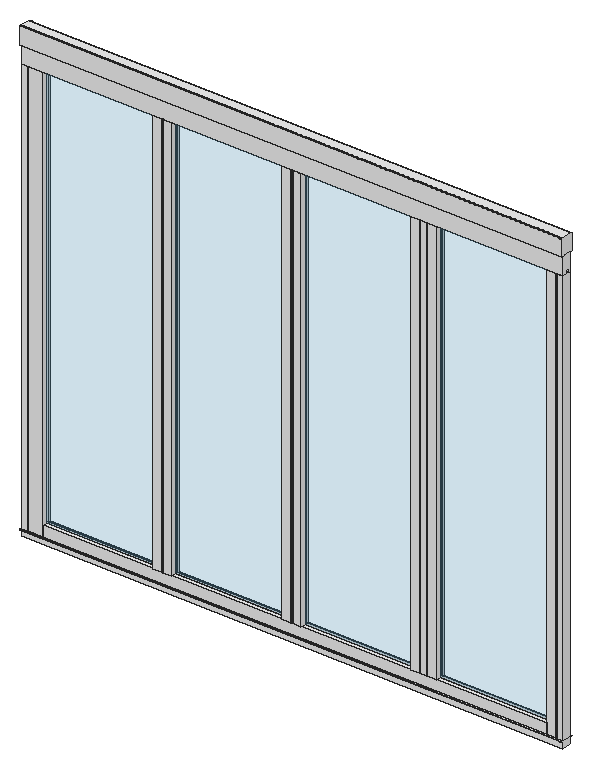
Revit family "Window-NanaWall-HSW-60", category Windows, host Wall, Revit 2013 (continued)
Definition of nested family "Sill_HSW60"
  Definition of nested family "Profile_Sill_HSW60"
    Lines and regions (in)
      model lines, style "DetailComponents", in view "Ref. Level"
        curve 289: arc (0.78722, 0.49817, 0) -> (0.80077, 0.4759, 0) -> (0.82534, 0.46717, 0) r 0.03893
        curve 290: arc (0.76694, 0.85826, 0) -> (0.73325, 0.93959, 0) -> (0.65193, 0.97327, 0) r 0.11501
        curve 291: arc (0.3281, 0.99778, 0) -> (0.33145, 0.98089, 0) -> (0.3469, 0.97327, 0) r 0.01947
        curve 292: arc (0.45939, 1.04627, 0) -> (0.46489, 1.04855, 0) -> (0.46717, 1.05406, 0) r 0.00779
        curve 293: arc (0.46717, 1.20394, 0) -> (0.46489, 1.20945, 0) -> (0.45939, 1.21173, 0) r 0.00779
        curve 294: arc (0.36984, 1.26574, 0) -> (0.35559, 1.25149, 0) -> (0.35038, 1.23203, 0) r 0.03893
        curve 295: arc (0.35038, 1.76566, 0) -> (0.35559, 1.74619, 0) -> (0.36984, 1.73194, 0) r 0.03893
        curve 296: arc (0.45939, 1.78596, 0) -> (0.46489, 1.78824, 0) -> (0.46717, 1.79374, 0) r 0.00779
        curve 297: arc (0.46717, 1.94363, 0) -> (0.46489, 1.94913, 0) -> (0.45939, 1.95142, 0) r 0.00779
        curve 298: arc (0.3469, 2.02441, 0) -> (0.33145, 2.0168, 0) -> (0.3281, 1.99991, 0) r 0.01947
        curve 299: arc (0.88309, 1.98232, 0) -> (0.85876, 2.01288, 0) -> (0.82144, 2.02441, 0) r 0.06618
        curve 300: arc (0.83312, 0.88373, 0) -> (0.77197, 0.99636, 0) -> (0.65193, 1.04124, 0) r 0.18298
        curve 301: arc (0.82144, 1.77136, 0) -> (0.85223, 1.69703, 0) -> (0.92656, 1.66625, 0) r 0.10511
        curve 302: arc (0.39501, -0.31715, 0) -> (0.3887, -0.31293, 0) -> (0.38125, -0.31145, 0) r 0.01947
        curve 303: arc (-0.38125, -0.31145, 0) -> (-0.3887, -0.31293, 0) -> (-0.39501, -0.31715, 0) r 0.01947
        curve 304: arc (0.56616, -0.18679, 0) -> (0.56765, -0.20528, 0) -> (0.58396, -0.21412, 0) r 0.01947
        curve 305: arc (0.6229, 0.03893, 0) -> (0.61719, 0.0527, 0) -> (0.60343, 0.0584, 0) r 0.01947
        curve 306: arc (-0.60343, 0.0584, 0) -> (-0.61719, 0.0527, 0) -> (-0.6229, 0.03893, 0) r 0.01947
        curve 307: arc (-0.58396, -0.21412, 0) -> (-0.56765, -0.20528, 0) -> (-0.56616, -0.18679, 0) r 0.01947
        curve 308: arc (-0.60343, -0.21412, 0) -> (-0.61719, -0.21982, 0) -> (-0.6229, -0.23359, 0) r 0.01947
        curve 309: arc (-0.6229, -0.36984, 0) -> (-0.61719, -0.38361, 0) -> (-0.60343, -0.38931, 0) r 0.01947
        curve 310: arc (-0.47523, -0.38931, 0) -> (-0.46779, -0.38783, 0) -> (-0.46147, -0.38361, 0) r 0.01947
        curve 311: arc (0.46147, -0.38361, 0) -> (0.46779, -0.38783, 0) -> (0.47523, -0.38931, 0) r 0.01947
        curve 312: arc (0.6229, -0.23359, 0) -> (0.61719, -0.21982, 0) -> (0.60343, -0.21412, 0) r 0.01947
        curve 313: arc (0.60343, -0.38931, 0) -> (0.61719, -0.38361, 0) -> (0.6229, -0.36984, 0) r 0.01947
        curve 314: line (-0.26128, 0.97327, 0) -> (0.26128, 0.97327, 0)
        curve 315: line (0.26128, 0.97327, 0) -> (-0.26128, 0.97327, 0)
        curve 316: line (0.20733, 1.04432, 0) -> (-0.20733, 1.04432, 0)
        curve 317: line (-0.20733, 1.04432, 0) -> (0.20733, 1.04432, 0)
        curve 318: line (0.3625, 1.09007, 0) -> (0.43836, 1.04627, 0)
        curve 319: line (0.43836, 1.04627, 0) -> (0.45939, 1.04627, 0)
        curve 320: line (0.45939, 1.04627, 0) -> (0.43836, 1.04627, 0)
        curve 321: line (0.43836, 1.04627, 0) -> (0.3625, 1.09007, 0)
        curve 322: line (0.35287, 1.09007, 0) -> (0.3625, 1.09007, 0)
        curve 323: line (0.3625, 1.09007, 0) -> (0.35287, 1.09007, 0)
        curve 324: line (0.35287, 1.09007, 0) -> (0.3281, 0.99779, 0)
        curve 325: line (0.3281, 0.99778, 0) -> (0.35282, 1.09007, 0)
        curve 326: line (0.35282, 1.09007, 0) -> (0.3625, 1.09007, 0)
        curve 327: line (0.3625, 1.09007, 0) -> (0.43836, 1.04627, 0)
        curve 328: line (0.43836, 1.04627, 0) -> (0.45939, 1.04627, 0)
        curve 329: line (-0.33601, 1.08033, 0) -> (-0.27814, 0.98301, 0)
        curve 330: line (-0.27814, 0.98301, 0) -> (-0.33601, 1.08033, 0)
        curve 331: line (-0.46717, 1.20394, 0) -> (-0.46717, 1.05406, 0)
        curve 332: line (-0.46717, 1.05406, 0) -> (-0.46717, 1.20394, 0)
        curve 333: line (0.43836, 1.21173, 0) -> (0.3625, 1.16793, 0)
        curve 334: line (0.3625, 1.16793, 0) -> (0.32365, 1.16793, 0)
        curve 335: line (0.32365, 1.16793, 0) -> (0.3625, 1.16793, 0)
        curve 336: line (0.3625, 1.16793, 0) -> (0.43836, 1.21173, 0)
        curve 337: line (-0.24105, 1.06379, 0) -> (-0.28994, 1.14846, 0)
        curve 338: line (-0.28994, 1.14846, 0) -> (-0.24105, 1.06379, 0)
        curve 339: line (0.46717, 1.05406, 0) -> (0.46717, 1.20394, 0)
        curve 340: line (0.46717, 1.20394, 0) -> (0.46717, 1.05406, 0)
        curve 341: line (0.46717, 1.05406, 0) -> (0.46717, 1.20394, 0)
        curve 342: line (0.28994, 1.14846, 0) -> (0.24105, 1.06379, 0)
        curve 343: line (0.24105, 1.06379, 0) -> (0.28994, 1.14846, 0)
        curve 344: line (0.27814, 0.98301, 0) -> (0.33601, 1.08033, 0)
        curve 345: line (0.33601, 1.08033, 0) -> (0.27814, 0.98301, 0)
        curve 346: line (0.82534, 0.46717, 0) -> (0.86427, 0.46717, 0)
        curve 347: line (0.86427, 0.46717, 0) -> (0.82534, 0.46717, 0)
        curve 348: line (0.82534, 0.55671, 0) -> (0.82534, 0.5061, 0)
        curve 349: line (0.82534, 0.5061, 0) -> (0.82534, 0.55671, 0)
        curve 350: line (0.82534, 0.55671, 0) -> (0.87011, 0.55671, 0)
        curve 351: line (0.87011, 0.55671, 0) -> (0.87011, 0.57618, 0)
        curve 352: line (0.87011, 0.57618, 0) -> (0.87011, 0.55671, 0)
        curve 353: line (0.87011, 0.55671, 0) -> (0.82534, 0.55671, 0)
        curve 354: line (0.82534, 0.55671, 0) -> (0.82534, 0.5061, 0)
        curve 355: line (0.82534, 0.5061, 0) -> (0.88373, 0.5061, 0)
        curve 356: line (0.88373, 0.5061, 0) -> (0.88373, 0.48664, 0)
        curve 357: line (0.88373, 0.48664, 0) -> (0.88373, 0.5061, 0)
        curve 358: line (0.88373, 0.5061, 0) -> (0.82534, 0.5061, 0)
        curve 359: line (0.82534, 0.5061, 0) -> (1.11732, 0.5061, 0)
        curve 360: line (1.11732, 0.5061, 0) -> (1.11732, 0.55671, 0)
        curve 361: line (1.11732, 0.55671, 0) -> (1.07255, 0.55671, 0)
        curve 362: line (1.07255, 0.55671, 0) -> (1.07255, 0.57618, 0)
        curve 363: line (1.07255, 0.57618, 0) -> (1.07255, 0.55671, 0)
        curve 364: line (1.07255, 0.55671, 0) -> (1.11732, 0.55671, 0)
        curve 365: line (1.11732, 0.55671, 0) -> (1.11732, 0.5061, 0)
        curve 366: line (1.11732, 0.5061, 0) -> (1.05892, 0.5061, 0)
        curve 367: line (1.05892, 0.5061, 0) -> (1.05892, 0.48664, 0)
        curve 368: line (1.05892, 0.48664, 0) -> (1.05892, 0.5061, 0)
        curve 369: line (1.05892, 0.5061, 0) -> (1.11732, 0.5061, 0)
        curve 370: line (1.11732, 0.5061, 0) -> (1.11732, 0.55671, 0)
        curve 371: line (1.11732, 0.55671, 0) -> (0.82534, 0.55671, 0)
        curve 372: line (1.09785, 0.66183, 0) -> (0.82534, 0.66183, 0)
        curve 373: line (0.82534, 0.66183, 0) -> (0.82534, 0.59564, 0)
        curve 374: line (0.82534, 0.59564, 0) -> (0.85064, 0.59564, 0)
        curve 375: line (0.85064, 0.59564, 0) -> (0.82534, 0.59564, 0)
        curve 376: line (0.82534, 0.59564, 0) -> (0.82534, 0.66183, 0)
        curve 377: line (0.82534, 0.66183, 0) -> (1.09785, 0.66183, 0)
        curve 378: line (1.09785, 0.66183, 0) -> (1.09785, 0.59564, 0)
        curve 379: line (1.09785, 0.59564, 0) -> (1.09785, 0.66183, 0)
        curve 380: line (1.08617, 1.66625, 0) -> (1.08617, 0.72801, 0)
        curve 381: line (1.08617, 0.72801, 0) -> (0.83312, 0.72801, 0)
        curve 382: line (0.83312, 0.72801, 0) -> (0.83312, 0.80587, 0)
        curve 383: line (0.83312, 0.80587, 0) -> (0.85259, 0.80587, 0)
        curve 384: line (0.85259, 0.80587, 0) -> (0.85259, 0.88373, 0)
        curve 385: line (0.85259, 0.88373, 0) -> (0.83312, 0.88373, 0)
        curve 386: line (0.3469, 0.97327, 0) -> (0.65193, 0.97327, 0)
        curve 387: line (0.65193, 0.97327, 0) -> (0.3469, 0.97327, 0)
        curve 388: line (0.83312, 0.88373, 0) -> (0.85259, 0.88373, 0)
        curve 389: line (0.85259, 0.88373, 0) -> (0.85259, 0.80587, 0)
        curve 390: line (0.85259, 0.80587, 0) -> (0.83312, 0.80587, 0)
        curve 391: line (0.83312, 0.80587, 0) -> (0.83312, 0.72801, 0)
        curve 392: line (0.83312, 0.72801, 0) -> (1.08617, 0.72801, 0)
        curve 393: line (1.08617, 0.72801, 0) -> (1.08617, 1.66625, 0)
        curve 394: line (1.08617, 1.66625, 0) -> (0.92656, 1.66625, 0)
        curve 395: line (0.92656, 1.66625, 0) -> (1.08617, 1.66625, 0)
        curve 396: line (1.08617, 1.66625, 0) -> (1.08617, 0.72801, 0)
        curve 397: line (0.98787, 1.73243, 0) -> (0.92656, 1.73243, 0)
        curve 398: line (0.92656, 1.73243, 0) -> (0.98787, 1.73243, 0)
        curve 399: line (0.88763, 1.77136, 0) -> (0.88763, 1.81808, 0)
        curve 400: line (0.88763, 1.81808, 0) -> (0.91877, 1.81808, 0)
        curve 401: line (0.91877, 1.81808, 0) -> (0.88763, 1.81808, 0)
        curve 402: line (0.88763, 1.81808, 0) -> (0.88763, 1.77136, 0)
        curve 403: line (0.54503, 1.95823, 0) -> (0.82144, 1.95823, 0)
        curve 404: line (0.82144, 1.95823, 0) -> (0.82144, 1.77136, 0)
        curve 405: line (0.82144, 1.77136, 0) -> (0.82144, 1.95823, 0)
        curve 406: line (0.82144, 1.95823, 0) -> (0.54503, 1.95823, 0)
        curve 407: line (0.54503, 1.95823, 0) -> (0.54503, 1.04124, 0)
        curve 408: line (0.54503, 1.04124, 0) -> (0.65193, 1.04124, 0)
        curve 409: line (0.65193, 1.04124, 0) -> (0.54503, 1.04124, 0)
        curve 410: line (0.54503, 1.04124, 0) -> (0.54503, 1.95823, 0)
        curve 411: line (0.36984, 1.73194, 0) -> (0.46717, 1.67575, 0)
        curve 412: line (0.46717, 1.67575, 0) -> (0.46717, 1.32193, 0)
        curve 413: line (0.46717, 1.32193, 0) -> (0.36984, 1.26574, 0)
        curve 414: line (0.36984, 1.26574, 0) -> (0.46717, 1.32193, 0)
        curve 415: line (0.46717, 1.32193, 0) -> (0.46717, 1.67575, 0)
        curve 416: line (0.46717, 1.67575, 0) -> (0.36984, 1.73194, 0)
        curve 417: line (0.45939, 1.21173, 0) -> (0.43836, 1.21173, 0)
        curve 418: line (0.43836, 1.21173, 0) -> (0.45939, 1.21173, 0)
        curve 419: line (0.45939, 1.21173, 0) -> (0.43836, 1.21173, 0)
        curve 420: line (0.43836, 1.21173, 0) -> (0.3625, 1.16793, 0)
        curve 421: line (0.3625, 1.16793, 0) -> (0.35038, 1.16793, 0)
        curve 422: line (0.35038, 1.16793, 0) -> (0.35038, 1.23203, 0)
        curve 423: line (0.35038, 1.23203, 0) -> (0.35038, 1.16793, 0)
        curve 424: line (0.82144, 2.02441, 0) -> (0.3469, 2.02441, 0)
        curve 425: line (0.3469, 2.02441, 0) -> (0.82144, 2.02441, 0)
        curve 426: line (0.76694, 0.85826, 0) -> (0.76694, 0.59564, 0)
        curve 427: line (0.76694, 0.59564, 0) -> (0.78722, 0.49817, 0)
        curve 428: line (0.78722, 0.49817, 0) -> (0.76694, 0.59564, 0)
        curve 429: line (0.76694, 0.59564, 0) -> (0.76694, 0.85826, 0)
        curve 430: line (0.9369, 1.84463, 0) -> (0.88309, 1.98232, 0)
        curve 431: line (0.88309, 1.98232, 0) -> (0.9369, 1.84463, 0)
        curve 432: line (1.09007, 2.00495, 0) -> (1.09007, 1.90372, 0)
        curve 433: line (1.09007, 1.90372, 0) -> (1.09007, 2.00495, 0)
        curve 434: line (-0.82534, 0.46717, 0) -> (-0.86427, 0.46717, 0)
        curve 435: line (-1.05892, 0.48664, 0) -> (-1.05892, 0.5061, 0)
        curve 436: line (-1.05892, 0.5061, 0) -> (-1.11732, 0.5061, 0)
        curve 437: line (-1.11732, 0.5061, 0) -> (-1.11732, 0.55671, 0)
        curve 438: line (-1.11732, 0.55671, 0) -> (-1.07255, 0.55671, 0)
        curve 439: line (-1.07255, 0.55671, 0) -> (-1.07255, 0.57618, 0)
        curve 440: line (-0.99274, 2.41372, 0) -> (-1.01999, 2.41372, 0)
        curve 441: line (-1.01999, 2.41372, 0) -> (-1.01999, 2.37479, 0)
        curve 442: line (-1.01999, 2.37479, 0) -> (-1.09785, 2.37479, 0)
        curve 443: line (-1.09785, 2.37479, 0) -> (-1.09785, 2.72906, 0)
        curve 444: line (-1.09785, 2.72906, 0) -> (-1.01999, 2.72906, 0)
        curve 445: line (-1.01999, 2.72906, 0) -> (-1.07366, 2.67539, 0)
        curve 446: line (-0.98106, 2.78746, 0) -> (-0.98106, 2.70181, 0)
        curve 447: line (-0.98106, 2.40204, 0) -> (-0.98106, 2.35922, 0)
        curve 448: line (-1.09785, 0.59564, 0) -> (-1.09785, 0.66183, 0)
        curve 449: line (-1.09785, 0.66183, 0) -> (-0.82534, 0.66183, 0)
        curve 450: line (-0.82534, 0.66183, 0) -> (-0.82534, 0.59564, 0)
        curve 451: line (-0.82534, 0.59564, 0) -> (-0.85064, 0.59564, 0)
        curve 452: line (-0.65015, 1.03946, 0) -> (-0.54503, 1.03946, 0)
        curve 453: line (-0.54503, 1.03946, 0) -> (-0.54503, 1.95823, 0)
        curve 454: line (-0.54503, 1.95823, 0) -> (-0.82923, 1.95823, 0)
        curve 455: line (-0.82923, 1.95823, 0) -> (-0.96393, 1.88037, 0)
        curve 456: line (-0.96393, 1.88037, 0) -> (-1.08617, 1.88037, 0)
        curve 457: line (-1.08617, 1.88037, 0) -> (-1.08617, 0.72801, 0)
        curve 458: line (-1.08617, 0.72801, 0) -> (-0.83312, 0.72801, 0)
        curve 459: line (-0.83312, 0.72801, 0) -> (-0.83312, 0.80587, 0)
        curve 460: line (-0.83312, 0.80587, 0) -> (-0.85259, 0.80587, 0)
        curve 461: line (-0.85259, 0.80587, 0) -> (-0.85259, 0.88373, 0)
        curve 462: line (-0.85259, 0.88373, 0) -> (-0.83108, 0.88373, 0)
        curve 463: line (-0.76694, 0.85648, 0) -> (-0.76694, 0.59564, 0)
        curve 464: line (-0.76694, 0.59564, 0) -> (-0.78722, 0.49817, 0)
        curve 465: line (-1.01999, 2.32029, 0) -> (-1.08617, 2.32029, 0)
        curve 466: line (-1.08617, 2.32029, 0) -> (-1.08617, 1.94655, 0)
        curve 467: line (-1.08617, 1.94655, 0) -> (-0.98168, 1.94655, 0)
        curve 468: line (-0.98168, 1.94655, 0) -> (-0.86235, 2.01553, 0)
        curve 469: line (-0.3469, 0.97327, 0) -> (-0.65015, 0.97327, 0)
        curve 470: line (-0.36984, 1.73194, 0) -> (-0.46717, 1.67575, 0)
        curve 471: line (-0.46717, 1.67575, 0) -> (-0.46717, 1.32193, 0)
        curve 472: line (-0.46717, 1.32193, 0) -> (-0.36984, 1.26574, 0)
        curve 473: line (-0.35038, 1.82976, 0) -> (-0.35038, 1.76566, 0)
        curve 474: line (-0.35038, 1.23203, 0) -> (-0.35038, 1.16793, 0)
        curve 475: line (-0.3281, 1.99991, 0) -> (-0.35282, 1.90762, 0)
        curve 476: line (-0.35282, 1.90762, 0) -> (-0.3625, 1.90762, 0)
        curve 477: line (-0.3625, 1.90762, 0) -> (-0.35282, 1.90762, 0)
        curve 478: line (-0.82923, 2.02441, 0) -> (-0.3469, 2.02441, 0)
        curve 479: line (-0.46717, 1.79374, 0) -> (-0.46717, 1.94363, 0)
        curve 480: line (-0.46717, 1.94363, 0) -> (-0.46717, 1.79374, 0)
        curve 481: line (-0.33601, 1.91735, 0) -> (-0.27814, 2.01468, 0)
        curve 482: line (-0.27814, 2.01468, 0) -> (-0.33601, 1.91735, 0)
        curve 483: line (-0.24105, 1.9339, 0) -> (-0.28994, 1.84922, 0)
        curve 484: line (-0.28994, 1.84922, 0) -> (-0.24105, 1.9339, 0)
        curve 485: line (-0.45939, 1.95142, 0) -> (-0.43836, 1.95142, 0)
        curve 486: line (-0.43836, 1.95142, 0) -> (-0.3625, 1.90762, 0)
        curve 487: line (-0.3625, 1.90762, 0) -> (-0.43836, 1.95142, 0)
        curve 488: line (-0.43836, 1.95142, 0) -> (-0.45939, 1.95142, 0)
        curve 489: line (0.35038, 1.82976, 0) -> (0.35038, 1.76566, 0)
        curve 490: line (0.35038, 1.76566, 0) -> (0.35038, 1.82976, 0)
        curve 491: line (0.35038, 1.82976, 0) -> (0.3625, 1.82976, 0)
        curve 492: line (0.3625, 1.82976, 0) -> (0.43836, 1.78596, 0)
        curve 493: line (0.43836, 1.78596, 0) -> (0.45939, 1.78596, 0)
        curve 494: line (0.45939, 1.78596, 0) -> (0.43836, 1.78596, 0)
        curve 495: line (0.43836, 1.78596, 0) -> (0.45939, 1.78596, 0)
        curve 496: line (0.43836, 1.78596, 0) -> (0.3625, 1.82976, 0)
        curve 497: line (0.3625, 1.82976, 0) -> (0.32365, 1.82976, 0)
        curve 498: line (0.32365, 1.82976, 0) -> (0.3625, 1.82976, 0)
        curve 499: line (0.3625, 1.82976, 0) -> (0.43836, 1.78596, 0)
        curve 500: line (0.20733, 1.95336, 0) -> (-0.20733, 1.95336, 0)
        curve 501: line (-0.20733, 1.95336, 0) -> (0.20733, 1.95336, 0)
        curve 502: line (-0.26128, 2.02441, 0) -> (0.26128, 2.02441, 0)
        curve 503: line (0.26128, 2.02441, 0) -> (-0.26128, 2.02441, 0)
        curve 504: line (0.28994, 1.84922, 0) -> (0.24105, 1.9339, 0)
        curve 505: line (0.24105, 1.9339, 0) -> (0.28994, 1.84922, 0)
        curve 506: line (0.27814, 2.01468, 0) -> (0.33601, 1.91735, 0)
        curve 507: line (0.33601, 1.91735, 0) -> (0.27814, 2.01468, 0)
        curve 508: line (0.46717, 1.79374, 0) -> (0.46717, 1.94363, 0)
        curve 509: line (0.46717, 1.94363, 0) -> (0.46717, 1.79374, 0)
        curve 510: line (0.46717, 1.79374, 0) -> (0.46717, 1.94363, 0)
        curve 511: line (0.98846, 0.5061, 0) -> (1.00341, 0.07786, 0)
        curve 512: line (1.02272, 0.5061, 0) -> (1.03767, 0.07786, 0)
        curve 513: line (1.05698, 0.5061, 0) -> (1.07193, 0.07786, 0)
        curve 514: line (0.97133, 0.5061, 0) -> (0.97133, 0.07786, 0)
        curve 515: line (0.88568, 0.5061, 0) -> (0.87073, 0.07786, 0)
        curve 516: line (0.91994, 0.5061, 0) -> (0.90498, 0.07786, 0)
        curve 517: line (0.9542, 0.5061, 0) -> (0.93924, 0.07786, 0)
        curve 518: line (-0.98846, 0.5061, 0) -> (-1.00341, 0.07786, 0)
        curve 519: line (-1.02272, 0.5061, 0) -> (-1.03767, 0.07786, 0)
        curve 520: line (-1.05698, 0.5061, 0) -> (-1.07193, 0.07786, 0)
        curve 521: line (-0.97133, 0.5061, 0) -> (-0.97133, 0.07786, 0)
        curve 522: line (-0.88568, 0.5061, 0) -> (-0.87073, 0.07786, 0)
        curve 523: line (-0.91994, 0.5061, 0) -> (-0.90498, 0.07786, 0)
        curve 524: line (-0.9542, 0.5061, 0) -> (-0.93924, 0.07786, 0)
        curve 525: line (-0.88373, 0.48664, 0) -> (-0.88373, 0.5061, 0)
        curve 526: line (-0.88373, 0.5061, 0) -> (-0.82534, 0.5061, 0)
        curve 527: line (-0.82534, 0.5061, 0) -> (-1.11732, 0.5061, 0)
        curve 528: line (-1.11732, 0.5061, 0) -> (-1.11732, 0.55671, 0)
        curve 529: line (-1.11732, 0.55671, 0) -> (-0.82534, 0.55671, 0)
        curve 530: line (-0.82534, 0.55671, 0) -> (-0.82534, 0.5061, 0)
        curve 531: line (-0.82534, 0.5061, 0) -> (-0.82534, 0.55671, 0)
        curve 532: line (-0.82534, 0.55671, 0) -> (-0.87011, 0.55671, 0)
        curve 533: line (-0.87011, 0.55671, 0) -> (-0.87011, 0.57618, 0)
        curve 534: line (0.31707, -0.92481, 0) -> (0.37494, -1.02505, 0)
        curve 535: line (0.37494, -1.02505, 0) -> (0.31707, -0.92481, 0)
        curve 536: line (-0.30021, -0.91507, 0) -> (0.30021, -0.91507, 0)
        curve 537: line (0.30021, -0.91507, 0) -> (-0.30021, -0.91507, 0)
        curve 538: line (-0.37494, -1.02505, 0) -> (-0.31707, -0.92481, 0)
        curve 539: line (-0.31707, -0.92481, 0) -> (-0.37494, -1.02505, 0)
        curve 540: line (-0.49832, -0.99099, 0) -> (-0.47729, -0.99099, 0)
        curve 541: line (-0.47729, -0.99099, 0) -> (-0.40258, -1.03413, 0)
        curve 542: line (-0.40143, -1.03479, 0) -> (-0.39259, -1.03479, 0)
        curve 543: line (-0.39259, -1.03479, 0) -> (-0.40143, -1.03479, 0)
        curve 544: line (-0.40258, -1.03413, 0) -> (-0.47729, -0.99099, 0)
        curve 545: line (-0.47729, -0.99099, 0) -> (-0.49832, -0.99099, 0)
        curve 546: line (-0.5061, -1.14866, 0) -> (-0.5061, -0.99877, 0)
        curve 547: line (-0.5061, -0.99877, 0) -> (-0.5061, -1.14866, 0)
        curve 548: line (-0.36258, -1.11265, 0) -> (-0.38931, -1.11265, 0)
        curve 549: line (-0.38931, -1.11265, 0) -> (-0.40143, -1.11265, 0)
        curve 550: line (-0.40258, -1.11331, 0) -> (-0.47729, -1.15644, 0)
        curve 551: line (-0.47729, -1.15644, 0) -> (-0.49832, -1.15644, 0)
        curve 552: line (-0.49832, -1.15644, 0) -> (-0.47729, -1.15644, 0)
        curve 553: line (-0.47729, -1.15644, 0) -> (-0.40258, -1.11331, 0)
        curve 554: line (-0.40143, -1.11265, 0) -> (-0.38931, -1.11265, 0)
        curve 555: line (-0.38931, -1.11265, 0) -> (-0.36258, -1.11265, 0)
        curve 556: line (-0.27773, -1.00461, 0) -> (-0.32887, -1.09318, 0)
        curve 557: line (-0.32887, -1.09318, 0) -> (-0.27773, -1.00461, 0)
        curve 558: line (-0.24402, -0.98515, 0) -> (0.24402, -0.98515, 0)
        curve 559: line (0.32887, -1.09318, 0) -> (0.27773, -1.00461, 0)
        curve 560: line (0.27773, -1.00461, 0) -> (0.32887, -1.09318, 0)
        curve 561: line (0.49832, -1.15644, 0) -> (0.47729, -1.15644, 0)
        curve 562: line (0.47729, -1.15644, 0) -> (0.40258, -1.11331, 0)
        curve 563: line (0.40143, -1.11265, 0) -> (0.38931, -1.11265, 0)
        curve 564: line (0.38931, -1.11265, 0) -> (0.36258, -1.11265, 0)
        curve 565: line (0.36258, -1.11265, 0) -> (0.38931, -1.11265, 0)
        curve 566: line (0.38931, -1.11265, 0) -> (0.40143, -1.11265, 0)
        curve 567: line (0.40258, -1.11331, 0) -> (0.47729, -1.15644, 0)
        curve 568: line (0.47729, -1.15644, 0) -> (0.49832, -1.15644, 0)
        curve 569: line (0.5061, -0.99877, 0) -> (0.5061, -1.14866, 0)
        curve 570: line (0.5061, -1.14866, 0) -> (0.5061, -0.99877, 0)
        curve 571: line (0.39259, -1.03479, 0) -> (0.40143, -1.03479, 0)
        curve 572: line (0.40258, -1.03413, 0) -> (0.47729, -0.99099, 0)
        curve 573: line (0.47729, -0.99099, 0) -> (0.49832, -0.99099, 0)
        curve 574: line (0.49832, -0.99099, 0) -> (0.47729, -0.99099, 0)
        curve 575: line (0.47729, -0.99099, 0) -> (0.40258, -1.03413, 0)
        curve 576: line (0.40143, -1.03479, 0) -> (0.39259, -1.03479, 0)
        curve 577: line (0.49832, -1.64464, 0) -> (0.47729, -1.64464, 0)
        curve 578: line (0.47729, -1.64464, 0) -> (0.40258, -1.6015, 0)
        curve 579: line (0.40143, -1.60084, 0) -> (0.3918, -1.60084, 0)
        curve 580: line (0.3918, -1.60084, 0) -> (0.40143, -1.60084, 0)
        curve 581: line (0.40258, -1.6015, 0) -> (0.47729, -1.64464, 0)
        curve 582: line (0.47729, -1.64464, 0) -> (0.49832, -1.64464, 0)
        curve 583: line (0.5061, -1.48697, 0) -> (0.5061, -1.63685, 0)
        curve 584: line (0.5061, -1.63685, 0) -> (0.5061, -1.48697, 0)
        curve 585: line (0.36258, -1.52298, 0) -> (0.38931, -1.52298, 0)
        curve 586: line (0.38931, -1.52298, 0) -> (0.40143, -1.52298, 0)
        curve 587: line (0.40258, -1.52232, 0) -> (0.47729, -1.47918, 0)
        curve 588: line (0.47729, -1.47918, 0) -> (0.49832, -1.47918, 0)
        curve 589: line (0.49832, -1.47918, 0) -> (0.47729, -1.47918, 0)
        curve 590: line (0.47729, -1.47918, 0) -> (0.40258, -1.52232, 0)
        curve 591: line (0.40143, -1.52298, 0) -> (0.38931, -1.52298, 0)
        curve 592: line (0.38931, -1.52298, 0) -> (0.36258, -1.52298, 0)
        curve 593: line (0.27773, -1.63101, 0) -> (0.32887, -1.54245, 0)
        curve 594: line (0.32887, -1.54245, 0) -> (0.27773, -1.63101, 0)
        curve 595: line (-0.24402, -1.65048, 0) -> (0.24402, -1.65048, 0)
        curve 596: line (0.24402, -1.65048, 0) -> (-0.24402, -1.65048, 0)
        curve 597: line (-0.32887, -1.54245, 0) -> (-0.27773, -1.63101, 0)
        curve 598: line (-0.27773, -1.63101, 0) -> (-0.32887, -1.54245, 0)
        curve 599: line (-0.49832, -1.47918, 0) -> (-0.47729, -1.47918, 0)
        curve 600: line (-0.47729, -1.47918, 0) -> (-0.40258, -1.52232, 0)
        curve 601: line (-0.40143, -1.52298, 0) -> (-0.38931, -1.52298, 0)
        curve 602: line (-0.38931, -1.52298, 0) -> (-0.36258, -1.52298, 0)
        curve 603: line (-0.36258, -1.52298, 0) -> (-0.38931, -1.52298, 0)
        curve 604: line (-0.38931, -1.52298, 0) -> (-0.40143, -1.52298, 0)
        curve 605: line (-0.40258, -1.52232, 0) -> (-0.47729, -1.47918, 0)
        curve 606: line (-0.47729, -1.47918, 0) -> (-0.49832, -1.47918, 0)
        curve 607: line (-0.5061, -1.63685, 0) -> (-0.5061, -1.48697, 0)
        curve 608: line (-0.5061, -1.48697, 0) -> (-0.5061, -1.63685, 0)
        curve 609: line (-0.3918, -1.60084, 0) -> (-0.40143, -1.60084, 0)
        curve 610: line (-0.40258, -1.6015, 0) -> (-0.47729, -1.64464, 0)
        curve 611: line (-0.47729, -1.64464, 0) -> (-0.49832, -1.64464, 0)
        curve 612: line (-0.49832, -1.64464, 0) -> (-0.47729, -1.64464, 0)
        curve 613: line (-0.47729, -1.64464, 0) -> (-0.40258, -1.6015, 0)
        curve 614: line (-0.40143, -1.60084, 0) -> (-0.3918, -1.60084, 0)
        curve 615: line (-0.31707, -1.71082, 0) -> (-0.37494, -1.61057, 0)
        curve 616: line (-0.37494, -1.61057, 0) -> (-0.31707, -1.71082, 0)
        curve 617: line (0.30021, -1.72055, 0) -> (-0.30021, -1.72055, 0)
        curve 618: line (-0.30021, -1.72055, 0) -> (0.30021, -1.72055, 0)
        curve 619: line (0.37494, -1.61057, 0) -> (0.31707, -1.71082, 0)
        curve 620: line (0.31707, -1.71082, 0) -> (0.37494, -1.61057, 0)
        curve 621: line (0.67795, -0.96993, 0) -> (0.73371, -0.91418, 0)
        curve 622: line (0.76694, -0.92794, 0) -> (0.76694, -1.17377, 0)
        curve 623: line (0.76694, -1.17377, 0) -> (0.58396, -1.17377, 0)
        curve 624: line (0.58396, -1.17377, 0) -> (0.58396, -0.99274, 0)
        curve 625: line (0.58396, -0.99274, 0) -> (0.6229, -0.99274, 0)
        curve 626: line (0.94454, 0, 0) -> (1.07839, 0, 0)
        curve 627: line (1.07839, 0, 0) -> (1.07839, -0.23164, 0)
        curve 628: line (1.07839, -0.23164, 0) -> (0.83702, -0.23164, 0)
        curve 629: line (0.76694, -0.30172, 0) -> (0.76694, -0.38931, 0)
        curve 630: line (0.76694, -0.38931, 0) -> (0.70076, -0.38931, 0)
        curve 631: line (0.70076, -0.38931, 0) -> (0.70076, -0.15572, 0)
        curve 632: line (0.70076, -0.15572, 0) -> (0.75176, -0.15572, 0)
        curve 633: line (0.75176, -0.15572, 0) -> (0.75851, -0.14403, 0)
        curve 634: line (0.83766, -0.14403, 0) -> (0.84441, -0.15572, 0)
        curve 635: line (0.84441, -0.15572, 0) -> (0.88941, -0.15572, 0)
        curve 636: line (0.75851, -1.33535, 0) -> (0.75176, -1.32365, 0)
        curve 637: line (0.75176, -1.32365, 0) -> (0.70676, -1.32365, 0)
        curve 638: line (0.65498, -1.48716, 0) -> (0.58396, -1.48716, 0)
        curve 639: line (0.58396, -1.48716, 0) -> (0.58396, -1.24384, 0)
        curve 640: line (0.58396, -1.24384, 0) -> (1.07839, -1.24384, 0)
        curve 641: line (1.07839, -1.24384, 0) -> (1.07839, -1.48716, 0)
        curve 642: line (1.07839, -1.48716, 0) -> (0.94119, -1.48716, 0)
        curve 643: line (0.88941, -1.32365, 0) -> (0.84441, -1.32365, 0)
        curve 644: line (0.84441, -1.32365, 0) -> (0.83766, -1.33535, 0)
        curve 645: line (0.38583, -0.91488, 0) -> (0.6229, -0.91488, 0)
        curve 646: line (0.6229, -0.91488, 0) -> (0.66365, -0.87413, 0)
        curve 647: line (0.66365, -0.87413, 0) -> (0.68621, -0.86808, 0)
        curve 648: line (0.68621, -0.86808, 0) -> (0.69226, -0.84552, 0)
        curve 649: line (0.69226, -0.84552, 0) -> (0.72022, -0.81755, 0)
        curve 650: line (0.72022, -0.81755, 0) -> (0.72022, -0.48664, 0)
        curve 651: line (0.72022, -0.48664, 0) -> (0.5061, -0.48664, 0)
        curve 652: line (0.5061, -0.48664, 0) -> (0.5061, -0.38931, 0)
        curve 653: line (0.5061, -0.38931, 0) -> (0.6229, -0.38931, 0)
        curve 654: line (0.6229, -0.38931, 0) -> (0.6229, -0.19465, 0)
        curve 655: line (0.6229, -0.19465, 0) -> (0.60343, -0.19465, 0)
        curve 656: line (0.58546, -0.1677, 0) -> (0.6229, -0.07786, 0)
        curve 657: line (0.6229, -0.07786, 0) -> (0.6229, 0.0584, 0)
        curve 658: line (0.64236, 0.07786, 0) -> (0.70076, 0.07786, 0)
        curve 659: line (0.70076, 0.07786, 0) -> (0.70854, 0.07008, 0)
        curve 660: line (0.70854, 0.07008, 0) -> (0.77083, 0.07008, 0)
        curve 661: line (0.77083, 0.07008, 0) -> (0.77862, 0.07786, 0)
        curve 662: line (0.77862, 0.07786, 0) -> (0.85648, 0.07786, 0)
        curve 663: line (0.85648, 0.07786, 0) -> (0.86427, 0.07008, 0)
        curve 664: line (0.86427, 0.07008, 0) -> (0.92656, 0.07008, 0)
        curve 665: line (0.92656, 0.07008, 0) -> (0.93434, 0.07786, 0)
        curve 666: line (0.93434, 0.07786, 0) -> (1.01221, 0.07786, 0)
        curve 667: line (1.01221, 0.07786, 0) -> (1.01999, 0.07008, 0)
        curve 668: line (1.01999, 0.07008, 0) -> (1.08228, 0.07008, 0)
        curve 669: line (1.08228, 0.07008, 0) -> (1.09007, 0.07786, 0)
        curve 670: line (1.09007, 0.07786, 0) -> (1.16793, 0.07786, 0)
        curve 671: line (1.16793, 0.07786, 0) -> (1.17572, 0.07008, 0)
        curve 672: line (1.17572, 0.07008, 0) -> (1.23801, 0.07008, 0)
        curve 673: line (1.23801, 0.07008, 0) -> (1.24579, 0.07786, 0)
        curve 674: line (1.24579, 0.07786, 0) -> (1.32365, 0.07786, 0)
        curve 675: line (1.32365, 0.07786, 0) -> (1.33144, 0.07008, 0)
        curve 676: line (1.33144, 0.07008, 0) -> (1.39373, 0.07008, 0)
        curve 677: line (1.39373, 0.07008, 0) -> (1.40152, 0.07786, 0)
        curve 678: line (1.40152, 0.07786, 0) -> (1.47938, 0.07786, 0)
        curve 679: line (1.47938, 0.07786, 0) -> (1.48716, 0.07008, 0)
        curve 680: line (1.48716, 0.07008, 0) -> (1.54945, 0.07008, 0)
        curve 681: line (1.54945, 0.07008, 0) -> (1.55724, 0.07786, 0)
        curve 682: line (1.55724, 0.07786, 0) -> (1.61564, 0.07786, 0)
        curve 683: line (1.61564, 0.07786, 0) -> (1.65457, 0.03893, 0)
        curve 684: line (1.65457, 0.03893, 0) -> (1.65457, 0.01947, 0)
        curve 685: line (1.6351, 0, 0) -> (1.14846, 0, 0)
        curve 686: line (1.14846, 0, 0) -> (1.14846, -0.34057, 0)
        curve 687: line (1.14846, -0.34057, 0) -> (1.09007, -0.35622, 0)
        curve 688: line (1.09007, -0.35622, 0) -> (1.09007, -0.30172, 0)
        curve 689: line (1.09007, -0.30172, 0) -> (0.83702, -0.30172, 0)
        curve 690: line (0.83702, -0.30172, 0) -> (0.83702, -0.48198, 0)
        curve 691: line (0.83702, -0.48198, 0) -> (0.82534, -0.50221, 0)
        curve 692: line (0.82534, -0.50221, 0) -> (0.83702, -0.52244, 0)
        curve 693: line (0.83702, -0.52244, 0) -> (0.83702, -0.7027, 0)
        curve 694: line (0.83702, -0.7027, 0) -> (1.09007, -0.7027, 0)
        curve 695: line (1.09007, -0.7027, 0) -> (1.09007, -0.6482, 0)
        curve 696: line (1.09007, -0.6482, 0) -> (1.14846, -0.66385, 0)
        curve 697: line (1.14846, -0.66385, 0) -> (1.14846, -0.81164, 0)
        curve 698: line (1.14846, -0.81164, 0) -> (1.09007, -0.82728, 0)
        curve 699: line (1.09007, -0.82728, 0) -> (1.09007, -0.77278, 0)
        curve 700: line (1.09007, -0.77278, 0) -> (0.83702, -0.77278, 0)
        curve 701: line (0.83702, -0.77278, 0) -> (0.83702, -0.95305, 0)
        curve 702: line (0.83702, -0.95305, 0) -> (0.82534, -0.97327, 0)
        curve 703: line (0.82534, -0.97327, 0) -> (0.83702, -0.9935, 0)
        curve 704: line (0.83702, -0.9935, 0) -> (0.83702, -1.17377, 0)
        curve 705: line (0.83702, -1.17377, 0) -> (1.09007, -1.17377, 0)
        curve 706: line (1.09007, -1.17377, 0) -> (1.09007, -1.11927, 0)
        curve 707: line (1.09007, -1.11927, 0) -> (1.14846, -1.13491, 0)
        curve 708: line (1.14846, -1.13491, 0) -> (1.14846, -1.75189, 0)
        curve 709: line (1.14846, -1.75189, 0) -> (1.00839, -1.75189, 0)
        curve 710: line (1.00839, -1.75189, 0) -> (0.99274, -1.6935, 0)
        curve 711: line (0.99274, -1.6935, 0) -> (1.07839, -1.6935, 0)
        curve 712: line (1.07839, -1.6935, 0) -> (1.07839, -1.55724, 0)
        curve 713: line (1.07839, -1.55724, 0) -> (0.81831, -1.55724, 0)
        curve 714: line (0.81831, -1.55724, 0) -> (0.79809, -1.54556, 0)
        curve 715: line (0.79809, -1.54556, 0) -> (0.77786, -1.55724, 0)
        curve 716: line (0.77786, -1.55724, 0) -> (0.58396, -1.55724, 0)
        curve 717: line (0.58396, -1.55724, 0) -> (0.58396, -1.6935, 0)
        curve 718: line (0.58396, -1.6935, 0) -> (0.60343, -1.6935, 0)
        curve 719: line (0.60343, -1.6935, 0) -> (0.58778, -1.75189, 0)
        curve 720: line (0.58778, -1.75189, 0) -> (0.52557, -1.75189, 0)
        curve 721: line (0.5061, -1.73243, 0) -> (0.5061, -1.72075, 0)
        curve 722: line (0.5061, -1.72075, 0) -> (0.38583, -1.72075, 0)
        curve 723: line (0.36703, -1.69625, 0) -> (0.39259, -1.60086, 0)
        curve 724: line (0.38931, -1.51594, 0) -> (0.38931, -1.462, 0)
        curve 725: line (0.40878, -1.42828, 0) -> (0.5061, -1.37209, 0)
        curve 726: line (0.5061, -1.37209, 0) -> (0.5061, -1.26354, 0)
        curve 727: line (0.5061, -1.26354, 0) -> (0.40878, -1.20734, 0)
        curve 728: line (0.38931, -1.17363, 0) -> (0.38931, -1.11968, 0)
        curve 729: line (0.39259, -1.03479, 0) -> (0.36703, -0.93938, 0)
        curve 730: line (-0.67795, -0.96993, 0) -> (-0.73371, -0.91418, 0)
        curve 731: line (-0.76694, -0.92794, 0) -> (-0.76694, -1.17377, 0)
        curve 732: line (-0.76694, -1.17377, 0) -> (-0.58396, -1.17377, 0)
        curve 733: line (-0.58396, -1.17377, 0) -> (-0.58396, -0.99274, 0)
        curve 734: line (-0.58396, -0.99274, 0) -> (-0.6229, -0.99274, 0)
        curve 735: line (-0.75851, -1.33535, 0) -> (-0.75176, -1.32365, 0)
        curve 736: line (-0.75176, -1.32365, 0) -> (-0.70676, -1.32365, 0)
        curve 737: line (-0.65498, -1.48716, 0) -> (-0.58396, -1.48716, 0)
        curve 738: line (-0.58396, -1.48716, 0) -> (-0.58396, -1.24384, 0)
        curve 739: line (-0.58396, -1.24384, 0) -> (-1.07839, -1.24384, 0)
        curve 740: line (-1.07839, -1.24384, 0) -> (-1.07839, -1.48716, 0)
        curve 741: line (-1.07839, -1.48716, 0) -> (-0.94119, -1.48716, 0)
        curve 742: line (-0.88941, -1.32365, 0) -> (-0.84441, -1.32365, 0)
        curve 743: line (-0.84441, -1.32365, 0) -> (-0.83766, -1.33535, 0)
        curve 744: line (-0.94454, 0, 0) -> (-1.07839, 0, 0)
        curve 745: line (-1.07839, 0, 0) -> (-1.07839, -0.23164, 0)
        curve 746: line (-1.07839, -0.23164, 0) -> (-0.83702, -0.23164, 0)
        curve 747: line (-0.76694, -0.30172, 0) -> (-0.76694, -0.38931, 0)
        curve 748: line (-0.76694, -0.38931, 0) -> (-0.70076, -0.38931, 0)
        curve 749: line (-0.70076, -0.38931, 0) -> (-0.70076, -0.15572, 0)
        curve 750: line (-0.70076, -0.15572, 0) -> (-0.75176, -0.15572, 0)
        curve 751: line (-0.75176, -0.15572, 0) -> (-0.75851, -0.14403, 0)
        curve 752: line (-0.83766, -0.14403, 0) -> (-0.84441, -0.15572, 0)
        curve 753: line (-0.84441, -0.15572, 0) -> (-0.88941, -0.15572, 0)
        curve 754: line (-0.38583, -0.91488, 0) -> (-0.6229, -0.91488, 0)
        curve 755: line (-0.6229, -0.91488, 0) -> (-0.66365, -0.87413, 0)
        curve 756: line (-0.66365, -0.87413, 0) -> (-0.68621, -0.86808, 0)
        curve 757: line (-0.68621, -0.86808, 0) -> (-0.69226, -0.84552, 0)
        curve 758: line (-0.69226, -0.84552, 0) -> (-0.72022, -0.81755, 0)
        curve 759: line (-0.72022, -0.81755, 0) -> (-0.72022, -0.48664, 0)
        curve 760: line (-0.72022, -0.48664, 0) -> (-0.5061, -0.48664, 0)
        curve 761: line (-0.5061, -0.48664, 0) -> (-0.5061, -0.38931, 0)
        curve 762: line (-0.5061, -0.38931, 0) -> (-0.6229, -0.38931, 0)
        curve 763: line (-0.6229, -0.38931, 0) -> (-0.6229, -0.19465, 0)
        curve 764: line (-0.6229, -0.19465, 0) -> (-0.60343, -0.19465, 0)
        curve 765: line (-0.58546, -0.1677, 0) -> (-0.6229, -0.07786, 0)
        curve 766: line (-0.6229, -0.07786, 0) -> (-0.6229, 0.0584, 0)
        curve 767: line (-0.64236, 0.07786, 0) -> (-0.70076, 0.07786, 0)
        curve 768: line (-0.70076, 0.07786, 0) -> (-0.70854, 0.07008, 0)
        curve 769: line (-0.70854, 0.07008, 0) -> (-0.77083, 0.07008, 0)
        curve 770: line (-0.77083, 0.07008, 0) -> (-0.77862, 0.07786, 0)
        curve 771: line (-0.77862, 0.07786, 0) -> (-0.85648, 0.07786, 0)
        curve 772: line (-0.85648, 0.07786, 0) -> (-0.86427, 0.07008, 0)
        curve 773: line (-0.86427, 0.07008, 0) -> (-0.92656, 0.07008, 0)
        curve 774: line (-0.92656, 0.07008, 0) -> (-0.93434, 0.07786, 0)
        curve 775: line (-0.93434, 0.07786, 0) -> (-1.01221, 0.07786, 0)
        curve 776: line (-1.01221, 0.07786, 0) -> (-1.01999, 0.07008, 0)
        curve 777: line (-1.01999, 0.07008, 0) -> (-1.08228, 0.07008, 0)
        curve 778: line (-1.08228, 0.07008, 0) -> (-1.09007, 0.07786, 0)
        curve 779: line (-1.09007, 0.07786, 0) -> (-1.16793, 0.07786, 0)
        curve 780: line (-1.16793, 0.07786, 0) -> (-1.17572, 0.07008, 0)
        curve 781: line (-1.17572, 0.07008, 0) -> (-1.23801, 0.07008, 0)
        curve 782: line (-1.23801, 0.07008, 0) -> (-1.24579, 0.07786, 0)
        curve 783: line (-1.24579, 0.07786, 0) -> (-1.32365, 0.07786, 0)
        curve 784: line (-1.32365, 0.07786, 0) -> (-1.33144, 0.07008, 0)
        curve 785: line (-1.33144, 0.07008, 0) -> (-1.39373, 0.07008, 0)
        curve 786: line (-1.39373, 0.07008, 0) -> (-1.40152, 0.07786, 0)
        curve 787: line (-1.40152, 0.07786, 0) -> (-1.47938, 0.07786, 0)
        curve 788: line (-1.47938, 0.07786, 0) -> (-1.48716, 0.07008, 0)
        curve 789: line (-1.48716, 0.07008, 0) -> (-1.54945, 0.07008, 0)
        curve 790: line (-1.54945, 0.07008, 0) -> (-1.55724, 0.07786, 0)
        curve 791: line (-1.55724, 0.07786, 0) -> (-1.61564, 0.07786, 0)
        curve 792: line (-1.61564, 0.07786, 0) -> (-1.65457, 0.03893, 0)
        curve 793: line (-1.65457, 0.03893, 0) -> (-1.65457, 0.01947, 0)
        curve 794: line (-1.6351, 0, 0) -> (-1.14846, 0, 0)
        curve 795: line (-1.14846, 0, 0) -> (-1.14846, -0.34057, 0)
        curve 796: line (-1.14846, -0.34057, 0) -> (-1.09007, -0.35622, 0)
        curve 797: line (-1.09007, -0.35622, 0) -> (-1.09007, -0.30172, 0)
        curve 798: line (-1.09007, -0.30172, 0) -> (-0.83702, -0.30172, 0)
        curve 799: line (-0.83702, -0.30172, 0) -> (-0.83702, -0.48198, 0)
        curve 800: line (-0.83702, -0.48198, 0) -> (-0.82534, -0.50221, 0)
        curve 801: line (-0.82534, -0.50221, 0) -> (-0.83702, -0.52244, 0)
        curve 802: line (-0.83702, -0.52244, 0) -> (-0.83702, -0.7027, 0)
        curve 803: line (-0.83702, -0.7027, 0) -> (-1.09007, -0.7027, 0)
        curve 804: line (-1.09007, -0.7027, 0) -> (-1.09007, -0.6482, 0)
        curve 805: line (-1.09007, -0.6482, 0) -> (-1.14846, -0.66385, 0)
        curve 806: line (-1.14846, -0.66385, 0) -> (-1.14846, -0.81164, 0)
        curve 807: line (-1.14846, -0.81164, 0) -> (-1.09007, -0.82728, 0)
        curve 808: line (-1.09007, -0.82728, 0) -> (-1.09007, -0.77278, 0)
        curve 809: line (-1.09007, -0.77278, 0) -> (-0.83702, -0.77278, 0)
        curve 810: line (-0.83702, -0.77278, 0) -> (-0.83702, -0.95305, 0)
        curve 811: line (-0.83702, -0.95305, 0) -> (-0.82534, -0.97327, 0)
        curve 812: line (-0.82534, -0.97327, 0) -> (-0.83702, -0.9935, 0)
        curve 813: line (-0.83702, -0.9935, 0) -> (-0.83702, -1.17377, 0)
        curve 814: line (-0.83702, -1.17377, 0) -> (-1.09007, -1.17377, 0)
        curve 815: line (-1.09007, -1.17377, 0) -> (-1.09007, -1.11927, 0)
        curve 816: line (-1.09007, -1.11927, 0) -> (-1.14846, -1.13491, 0)
        curve 817: line (-1.14846, -1.13491, 0) -> (-1.14846, -1.75189, 0)
        curve 818: line (-1.14846, -1.75189, 0) -> (-1.00839, -1.75189, 0)
        curve 819: line (-1.00839, -1.75189, 0) -> (-0.99274, -1.6935, 0)
        curve 820: line (-0.99274, -1.6935, 0) -> (-1.07839, -1.6935, 0)
        curve 821: line (-1.07839, -1.6935, 0) -> (-1.07839, -1.55724, 0)
        curve 822: line (-1.07839, -1.55724, 0) -> (-0.81831, -1.55724, 0)
        curve 823: line (-0.81831, -1.55724, 0) -> (-0.79809, -1.54556, 0)
        curve 824: line (-0.79809, -1.54556, 0) -> (-0.77786, -1.55724, 0)
        curve 825: line (-0.77786, -1.55724, 0) -> (-0.58396, -1.55724, 0)
        curve 826: line (-0.58396, -1.55724, 0) -> (-0.58396, -1.6935, 0)
        curve 827: line (-0.58396, -1.6935, 0) -> (-0.60343, -1.6935, 0)
        curve 828: line (-0.60343, -1.6935, 0) -> (-0.58778, -1.75189, 0)
        curve 829: line (-0.58778, -1.75189, 0) -> (-0.52557, -1.75189, 0)
        curve 830: line (-0.5061, -1.73243, 0) -> (-0.5061, -1.72075, 0)
        curve 831: line (-0.5061, -1.72075, 0) -> (-0.38583, -1.72075, 0)
        curve 832: line (-0.36703, -1.69625, 0) -> (-0.39259, -1.60086, 0)
        curve 833: line (-0.38931, -1.51594, 0) -> (-0.38931, -1.462, 0)
        curve 834: line (-0.40878, -1.42828, 0) -> (-0.5061, -1.37209, 0)
        curve 835: line (-0.5061, -1.37209, 0) -> (-0.5061, -1.26354, 0)
        curve 836: line (-0.5061, -1.26354, 0) -> (-0.40878, -1.20734, 0)
        curve 837: line (-0.38931, -1.17363, 0) -> (-0.38931, -1.11968, 0)
        curve 838: line (-0.39259, -1.03479, 0) -> (-0.36703, -0.93938, 0)
        curve 839: line (-0.18492, -0.48664, 0) -> (-0.18492, -0.44771, 0)
        curve 840: line (-0.18492, -0.44771, 0) -> (-0.31145, -0.44771, 0)
        curve 841: line (-0.31145, -0.44771, 0) -> (-0.43797, -0.44771, 0)
        curve 842: line (-0.43797, -0.44771, 0) -> (-0.43797, -0.48664, 0)
        curve 843: line (-0.18492, -0.83702, 0) -> (-0.18492, -0.89152, 0)
        curve 844: line (-0.18492, -0.89152, 0) -> (-0.31145, -0.89152, 0)
        curve 845: line (-0.31145, -0.89152, 0) -> (-0.43797, -0.89152, 0)
        curve 846: line (-0.43797, -0.89152, 0) -> (-0.43797, -0.83702, 0)
        curve 847: line (-0.46717, -0.4769, 0) -> (-0.46717, -0.48664, 0)
        curve 848: line (-0.46717, -0.48664, 0) -> (-0.46717, -0.4769, 0)
        curve 849: line (-0.46717, -0.4769, 0) -> (-0.43797, -0.44771, 0)
        curve 850: line (-0.43797, -0.44771, 0) -> (-0.31145, -0.44771, 0)
        curve 851: line (-0.31145, -0.44771, 0) -> (-0.18492, -0.44771, 0)
        curve 852: line (-0.18492, -0.44771, 0) -> (-0.15572, -0.4769, 0)
        curve 853: line (-0.15572, -0.4769, 0) -> (-0.15572, -0.48664, 0)
        curve 854: line (-0.15572, -0.48664, 0) -> (-0.15572, -0.4769, 0)
        curve 855: line (-0.15572, -0.4769, 0) -> (-0.31145, -0.4769, 0)
        curve 856: line (-0.31145, -0.4769, 0) -> (-0.46717, -0.4769, 0)
        curve 857: line (-0.46717, -0.86232, 0) -> (-0.46717, -0.83702, 0)
        curve 858: line (-0.46717, -0.83702, 0) -> (-0.46717, -0.86232, 0)
        curve 859: line (-0.46717, -0.86232, 0) -> (-0.43797, -0.89152, 0)
        curve 860: line (-0.43797, -0.89152, 0) -> (-0.41461, -0.91488, 0)
        curve 861: line (-0.40877, -0.91488, 0) -> (-0.31145, -0.91488, 0)
        curve 862: line (-0.31145, -0.91488, 0) -> (-0.21412, -0.91488, 0)
        curve 863: line (-0.20848, -0.91507, 0) -> (-0.18492, -0.89152, 0)
        curve 864: line (-0.18492, -0.89152, 0) -> (-0.15572, -0.86232, 0)
        curve 865: line (-0.15572, -0.86232, 0) -> (-0.15572, -0.83702, 0)
        curve 866: line (-0.15572, -0.83702, 0) -> (-0.15572, -0.86232, 0)
        curve 867: line (-0.15572, -0.86232, 0) -> (-0.31145, -0.86232, 0)
        curve 868: line (-0.31145, -0.86232, 0) -> (-0.46717, -0.86232, 0)
        curve 869: line (0.43797, -0.48664, 0) -> (0.43797, -0.44771, 0)
        curve 870: line (0.43797, -0.44771, 0) -> (0.31145, -0.44771, 0)
        curve 871: line (0.31145, -0.44771, 0) -> (0.18492, -0.44771, 0)
        curve 872: line (0.18492, -0.44771, 0) -> (0.18492, -0.48664, 0)
        curve 873: line (0.43797, -0.83702, 0) -> (0.43797, -0.89152, 0)
        curve 874: line (0.43797, -0.89152, 0) -> (0.31145, -0.89152, 0)
        curve 875: line (0.31145, -0.89152, 0) -> (0.18492, -0.89152, 0)
        curve 876: line (0.18492, -0.89152, 0) -> (0.18492, -0.83702, 0)
        curve 877: line (0.15572, -0.4769, 0) -> (0.15572, -0.48664, 0)
        curve 878: line (0.15572, -0.48664, 0) -> (0.15572, -0.4769, 0)
        curve 879: line (0.15572, -0.4769, 0) -> (0.18492, -0.44771, 0)
        curve 880: line (0.18492, -0.44771, 0) -> (0.31145, -0.44771, 0)
        curve 881: line (0.31145, -0.44771, 0) -> (0.43797, -0.44771, 0)
        curve 882: line (0.43797, -0.44771, 0) -> (0.46717, -0.4769, 0)
        curve 883: line (0.46717, -0.4769, 0) -> (0.46717, -0.48664, 0)
        curve 884: line (0.46717, -0.48664, 0) -> (0.46717, -0.4769, 0)
        curve 885: line (0.46717, -0.4769, 0) -> (0.31145, -0.4769, 0)
        curve 886: line (0.31145, -0.4769, 0) -> (0.15572, -0.4769, 0)
        curve 887: line (0.15572, -0.86232, 0) -> (0.15572, -0.83702, 0)
        curve 888: line (0.15572, -0.83702, 0) -> (0.15572, -0.86232, 0)
        curve 889: line (0.15572, -0.86232, 0) -> (0.18492, -0.89152, 0)
        curve 890: line (0.18492, -0.89152, 0) -> (0.20848, -0.91507, 0)
        curve 891: line (0.21412, -0.91488, 0) -> (0.31145, -0.91488, 0)
        curve 892: line (0.31145, -0.91488, 0) -> (0.40877, -0.91488, 0)
        curve 893: line (0.41461, -0.91488, 0) -> (0.43797, -0.89152, 0)
        curve 894: line (0.43797, -0.89152, 0) -> (0.46717, -0.86232, 0)
        curve 895: line (0.46717, -0.86232, 0) -> (0.46717, -0.83702, 0)
        curve 896: line (0.46717, -0.83702, 0) -> (0.46717, -0.86232, 0)
        curve 897: line (0.46717, -0.86232, 0) -> (0.31145, -0.86232, 0)
        curve 898: line (0.31145, -0.86232, 0) -> (0.15572, -0.86232, 0)
        curve 899: line (-0.5645, -0.48664, 0) -> (-0.5645, -0.75915, 0)
        curve 900: line (-0.5645, -0.75915, 0) -> (-0.48664, -0.83702, 0)
        curve 901: line (-0.48664, -0.83702, 0) -> (0.48664, -0.83702, 0)
        curve 902: line (0.48664, -0.83702, 0) -> (0.5645, -0.75915, 0)
        curve 903: line (0.5645, -0.75915, 0) -> (0.5645, -0.48664, 0)
        curve 904: line (0.5645, -0.48664, 0) -> (-0.5645, -0.48664, 0)
        curve 905: line (-0.61316, 0.03893, 0) -> (-0.61316, -0.03893, 0)
        curve 906: line (-0.5937, -0.0584, 0) -> (-0.58396, -0.0584, 0)
        curve 907: line (-0.5645, -0.07786, 0) -> (-0.5645, -0.33091, 0)
        curve 908: line (-0.54503, -0.35038, 0) -> (-0.5061, -0.35038, 0)
        curve 909: line (-0.48664, -0.36984, 0) -> (-0.48664, -0.40878, 0)
        curve 910: line (-0.48664, -0.40878, 0) -> (-0.48664, -0.48664, 0)
        curve 911: line (0.48664, -0.48664, 0) -> (0.48664, -0.40878, 0)
        curve 912: line (0.48664, -0.40878, 0) -> (0.48664, -0.36984, 0)
        curve 913: line (0.5061, -0.35038, 0) -> (0.54503, -0.35038, 0)
        curve 914: line (0.5645, -0.33091, 0) -> (0.5645, -0.07786, 0)
        curve 915: line (0.58396, -0.0584, 0) -> (0.5937, -0.0584, 0)
        curve 916: line (0.61316, -0.03893, 0) -> (0.61316, 0.03893, 0)
        curve 917: line (0.42824, 0.07786, 0) -> (0.5061, 0.07786, 0)
        curve 918: line (0.5061, 0.07786, 0) -> (0.52557, 0.0584, 0)
        curve 919: line (0.52557, 0.0584, 0) -> (0.5061, 0.07786, 0)
        curve 920: line (0.5061, 0.07786, 0) -> (0.42824, 0.07786, 0)
        curve 921: line (0.42824, 0.07786, 0) -> (0.40878, 0.0584, 0)
        curve 922: line (0.40878, 0.0584, 0) -> (0.36984, 0.0584, 0)
        curve 923: line (0.36984, 0.0584, 0) -> (0.35038, 0.07786, 0)
        curve 924: line (0.35038, 0.07786, 0) -> (0.27252, 0.07786, 0)
        curve 925: line (0.27252, 0.07786, 0) -> (0.25305, 0.0584, 0)
        curve 926: line (0.25305, 0.0584, 0) -> (0.21412, 0.0584, 0)
        curve 927: line (0.21412, 0.0584, 0) -> (0.25305, 0.0584, 0)
        curve 928: line (0.25305, 0.0584, 0) -> (0.27252, 0.07786, 0)
        curve 929: line (0.27252, 0.07786, 0) -> (0.35038, 0.07786, 0)
        curve 930: line (0.35038, 0.07786, 0) -> (0.36984, 0.0584, 0)
        curve 931: line (0.36984, 0.0584, 0) -> (0.40878, 0.0584, 0)
        curve 932: line (0.40878, 0.0584, 0) -> (0.42824, 0.07786, 0)
        curve 933: line (0.11679, 0.07786, 0) -> (0.09733, 0.0584, 0)
        curve 934: line (0.09733, 0.0584, 0) -> (0.0584, 0.0584, 0)
        curve 935: line (0.0584, 0.0584, 0) -> (0.09733, 0.0584, 0)
        curve 936: line (0.09733, 0.0584, 0) -> (0.11679, 0.07786, 0)
        curve 937: line (0.11679, 0.07786, 0) -> (0.19465, 0.07786, 0)
        curve 938: line (0.19465, 0.07786, 0) -> (0.21412, 0.0584, 0)
        curve 939: line (0.21412, 0.0584, 0) -> (0.19465, 0.07786, 0)
        curve 940: line (0.19465, 0.07786, 0) -> (0.11679, 0.07786, 0)
        curve 941: line (0.5937, 0.0584, 0) -> (0.52557, 0.0584, 0)
        curve 942: line (0.52557, 0.0584, 0) -> (0.60343, 0.0584, 0)
        curve 943: line (0.48664, -0.40878, 0) -> (-0.48664, -0.40878, 0)
        curve 944: line (-0.35287, 1.09007, 0) -> (-0.3625, 1.09007, 0)
        curve 945: line (-0.3625, 1.09007, 0) -> (-0.43836, 1.04627, 0)
        curve 946: line (-0.43836, 1.04627, 0) -> (-0.45939, 1.04627, 0)
        curve 947: line (-0.45939, 1.04627, 0) -> (-0.43836, 1.04627, 0)
        curve 948: line (-0.43836, 1.04627, 0) -> (-0.3625, 1.09007, 0)
        curve 949: line (-0.3625, 1.09007, 0) -> (-0.35287, 1.09007, 0)
        curve 950: line (-0.35287, 1.09007, 0) -> (-0.3281, 0.99779, 0)
        curve 951: line (-0.32365, 1.16793, 0) -> (-0.3625, 1.16793, 0)
        curve 952: line (-0.3625, 1.16793, 0) -> (-0.43836, 1.21173, 0)
        curve 953: line (-0.43836, 1.21173, 0) -> (-0.45939, 1.21173, 0)
        curve 954: line (-0.45939, 1.21173, 0) -> (-0.43836, 1.21173, 0)
        curve 955: line (-0.43836, 1.21173, 0) -> (-0.3625, 1.16793, 0)
        curve 956: line (-0.3625, 1.16793, 0) -> (-0.32365, 1.16793, 0)
        curve 957: line (-0.32365, 1.82976, 0) -> (-0.3625, 1.82976, 0)
        curve 958: line (-0.3625, 1.82976, 0) -> (-0.43836, 1.78596, 0)
        curve 959: line (-0.43836, 1.78596, 0) -> (-0.45939, 1.78596, 0)
        curve 960: line (-0.45939, 1.78596, 0) -> (-0.43836, 1.78596, 0)
        curve 961: line (-0.43836, 1.78596, 0) -> (-0.3625, 1.82976, 0)
        curve 962: line (-0.3625, 1.82976, 0) -> (-0.32365, 1.82976, 0)
        curve 963: line (0.45939, 1.95142, 0) -> (0.43836, 1.95142, 0)
        curve 964: line (0.43836, 1.95142, 0) -> (0.45939, 1.95142, 0)
        curve 965: line (0.45939, 1.95142, 0) -> (0.43836, 1.95142, 0)
        curve 966: line (0.43836, 1.95142, 0) -> (0.3625, 1.90762, 0)
        curve 967: line (0.3625, 1.90762, 0) -> (0.35282, 1.90762, 0)
        curve 968: line (0.35282, 1.90762, 0) -> (0.3281, 1.99991, 0)
        curve 969: line (0.3281, 1.9999, 0) -> (0.35287, 1.90762, 0)
        curve 970: line (0.35287, 1.90762, 0) -> (0.3625, 1.90762, 0)
        curve 971: line (0.3625, 1.90762, 0) -> (0.43836, 1.95142, 0)
        curve 972: line (0.43836, 1.95142, 0) -> (0.3625, 1.90762, 0)
        curve 973: line (0.3625, 1.90762, 0) -> (0.35287, 1.90762, 0)
        curve 974: line (0.31534, 2.21887, 0) -> (-1.08617, 2.02422, 0)
        curve 975: line (-1.08617, 2.02422, 0) -> (0.31534, 2.02422, 0)
        curve 976: line (0.31534, 2.02422, 0) -> (-1.08617, 2.21887, 0)
        curve 977: line (-1.08617, 2.21887, 0) -> (0.31534, 2.21887, 0)
        curve 978: line (0.31534, 2.21887, 0) -> (0.31534, 2.02422, 0)
        curve 979: line (-1.08617, 2.21887, 0) -> (-1.08617, 2.02422, 0)
        curve 980: line (-1.07366, 2.43625, 0) -> (-1.01999, 2.38258, 0)
        curve 981: line (-1.01999, 2.38258, 0) -> (-1.01999, 2.41372, 0)
        curve 982: line (-1.01999, 2.41372, 0) -> (-0.98106, 2.41372, 0)
        curve 983: line (-0.98106, 2.41372, 0) -> (-0.98106, 2.38258, 0)
        curve 984: line (-0.98106, 2.38258, 0) -> (-0.97327, 2.38258, 0)
        curve 985: line (-1.06162, 2.47257, 0) -> (-1.07106, 2.46596, 0)
        curve 986: line (-1.02842, 2.57528, 0) -> (-1.02842, 2.53635, 0)
        curve 987: line (-0.94408, 2.41372, 0) -> (-0.94408, 2.62572, 0)
        curve 988: line (-1.07839, 0.46717, 0) -> (-1.15625, 0.46717, 0)
        curve 989: line (-1.15625, 0.46717, 0) -> (-1.15625, 2.78746, 0)
        curve 990: line (-1.15625, 2.78746, 0) -> (-0.98106, 2.78746, 0)
        curve 991: line (-0.98106, 2.78746, 0) -> (-0.98106, 2.69013, 0)
        curve 992: line (-0.98106, 2.69013, 0) -> (-1.01999, 2.69013, 0)
        curve 993: line (-1.01999, 2.69013, 0) -> (-1.01999, 2.72906, 0)
        curve 994: line (-1.01999, 2.72906, 0) -> (-1.01999, 2.69013, 0)
        curve 995: line (-1.01999, 2.69013, 0) -> (-0.99274, 2.69013, 0)
        curve 996: line (-1.07106, 2.64568, 0) -> (-1.06162, 2.63906, 0)
        curve 997: line (-0.82534, 2.81507, 0) -> (-0.82534, 2.77316, 0)
        curve 998: line (0.52215, 2.03581, 0) -> (0.3389, 2.21907, 0)
        curve 999: line (0.3389, 2.21907, 0) -> (0.3389, 2.46969, 0)
        curve 1000: line (0.3389, 2.46969, 0) -> (0.12831, 2.50751, 0)
        curve 1001: line (0.39729, 2.44487, 0) -> (0.39729, 2.27051, 0)
        curve 1002: line (1.15625, 0.46717, 0) -> (1.15625, 2.02441, 0)
        curve 1003: line (1.15625, 2.02441, 0) -> (1.15625, 0.46717, 0)
        curve 1004: line (1.15625, 0.46717, 0) -> (1.07839, 0.46717, 0)
        curve 1005: line (1.07839, 0.46717, 0) -> (1.15625, 0.46717, 0)
        curve 1006: line (1.15625, 0.46717, 0) -> (1.15625, 2.02441, 0)
        curve 1007: line (1.15625, 2.02441, 0) -> (1.10953, 2.02441, 0)
        curve 1008: line (1.10953, 2.02441, 0) -> (1.15625, 2.02441, 0)
        curve 1009: line (1.15625, 2.02441, 0) -> (1.15625, 2.80303, 0)
        curve 1010: line (1.15625, 2.80303, 0) -> (0.41656, 2.80303, 0)
        curve 1011: line (0.41656, 2.80303, 0) -> (0.41656, 2.7057, 0)
        curve 1012: line (0.41656, 2.7057, 0) -> (0.45549, 2.7057, 0)
        curve 1013: line (0.45549, 2.7057, 0) -> (0.42824, 2.7057, 0)
        curve 1014: line (0.13642, 2.72871, 0) -> (0.3387, 2.69235, 0)
        curve 1015: line (0.3387, 2.69235, 0) -> (0.3387, 2.78375, 0)
        curve 1016: line (0.3387, 2.78375, 0) -> (0.12511, 2.8548, 0)
        curve 1017: line (0.13237, 2.90036, 0) -> (0.19076, 2.90036, 0)
        curve 1018: line (0.19076, 2.90036, 0) -> (0.46071, 2.86143, 0)
        curve 1019: line (0.46071, 2.86143, 0) -> (0.49442, 2.80303, 0)
        curve 1020: line (0.49442, 2.80303, 0) -> (0.41656, 2.80303, 0)
